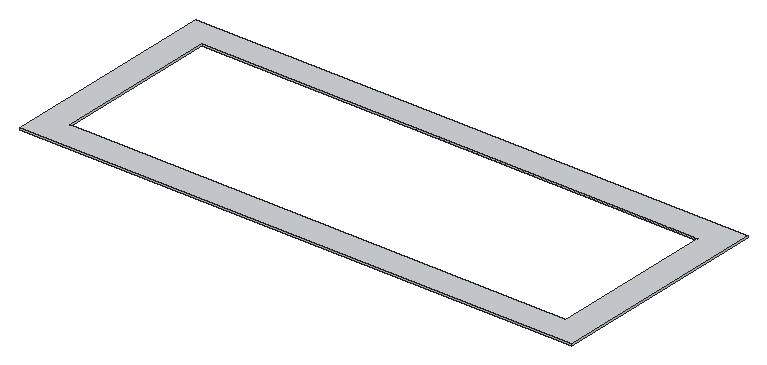
Revit family "停车位基于线", category 停车场, Revit 2016
Family settings
  基于工作平面 = 否
  加载时剪切的空心 = 否
  共享 = 否
Parameters
  built-in parameter 1001306 [instance] = 1200 mm
  车位长 = 2000 mm
  车位宽 = 800 mm
  材质 = none
  a = 100 mm  # constant formula
Reference planes
  plane 1 "中心(前/后)": y = 0
  plane 2: z = 0
  plane 3 "左": x = 0
  plane 4 "右": x = 1200
  plane 5: y = -800
  plane 6: x = 2000
Forms (mm)
  Extrusion 1, solid, material <- "材质"
    sketch origin (0, 0, 0) x (1, 0, 0) y (0, 1, 0)
      loop
        line (0, 0) -> (0, -800) -> (2000, -800) -> (2000, 0) -> (0, 0)
      loop
        line (100, -100) -> (100, -700) -> (1900, -700) -> (1900, -100) -> (100, -100)
    from 0 to 5
Lines and regions (mm)
  reference lines
    curve 1: line (0, 0, 0) -> (1200, 0, 0)
Dimensions and locks
  "built-in parameter 1001306": plane 3 "左" to plane 4 "右"
  "车位长": plane 3 "左" to plane 6
  "车位宽": plane 5 to plane 1 "中心(前/后)"
  "a": Extrusion 1 sketch curve to curve 1
  "a": plane 3 "左" to Extrusion 1 sketch curve
  "a": Extrusion 1 sketch curve to plane 5
  "a": Extrusion 1 sketch curve to plane 6
  aligned and locked: plane 4 "右" to curve 1
  aligned and locked: plane 1 "中心(前/后)" to curve 1
  aligned and locked: plane 3 "左" to curve 1
  aligned and locked: level to plane 2
  aligned and locked: Extrusion 1 sketch curve to curve 1
  aligned and locked: plane 3 "左" to Extrusion 1 sketch curve
  aligned and locked: plane 5 to Extrusion 1 sketch curve
  aligned and locked: plane 6 to Extrusion 1 sketch curve
